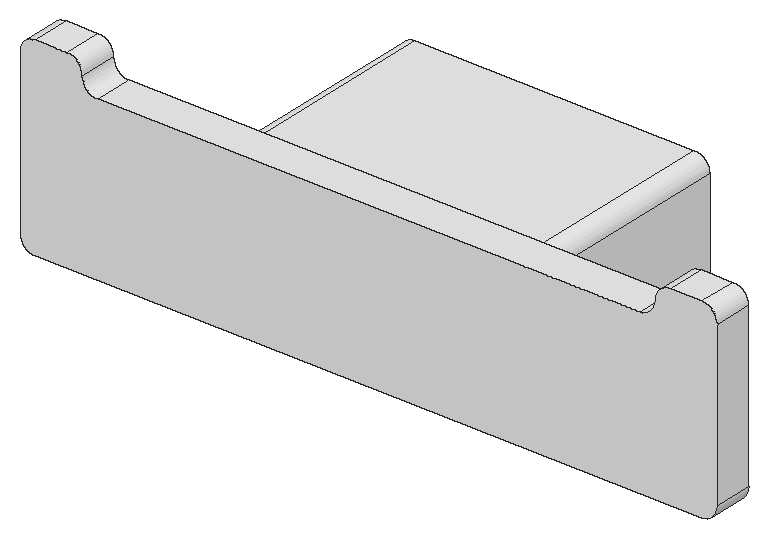
Revit family "rba-bim-rba1643-110", category Plumbing Fixtures, Revit 2016
Family settings
  Part Type = Normal
  Round Connector Dimension = Use Diameter
  Work Plane-Based = No
  Always vertical = Yes
  Cut with Voids When Loaded = No
  Shared = Yes
  Room Calculation Point = No
Parameters (values of type "RBA1643-110")
  Watermarked By = "www.rba.com.au"
  Waste Connection = yes
  Vent Connection = yes
  URL = ""
  Phone Number = "1300 788 778"
  Modified Issue = "20190225.01"
  Model = "RBA1643-110"
  Materials and Finishes = Chrome Plated Brass
  Manufacturer Model = ""
  Manufacturer = "RBA Group"  # constant formula
  HW Connection = yes
  Description = "äska Double Robe Hook"
  Copyright by = "RBA Group"  # constant formula
  CW Connection = yes
Reference planes
  plane 1 "Center (Front/Back)": y = 0
  plane 2: z = 0
  plane 3 "Center (Left/Right)": x = 0
Forms (mm)
  Extrusion 1, solid, material "Chrome Plated Brass" <- "Materials and Finishes"
    sketch origin (0, 0, 0) x (1, 0, 0) y (0, 0, 1)
      loop
        line (35.009, 21) -> (-34.991, 21)
        arc (-34.991, 21) -> (-36.411, 21.582) -> (-37, 23) r 2
        arc (-37, 23) -> (-37.586, 24.414) -> (-39, 25) r 2
        line (-39, 25) -> (-43, 25)
        arc (-43, 25) -> (-44.414, 24.414) -> (-45, 23) r 2
        line (-45, 23) -> (-45, 2)
        arc (-45, 2) -> (-44.414, 0.586) -> (-43, 0) r 2
        line (-43, 0) -> (43, 0)
        arc (43, 0) -> (44.414, 0.586) -> (45, 2) r 2
        line (45, 2) -> (45, 23)
        arc (45, 23) -> (44.414, 24.414) -> (43, 25) r 2
        line (43, 25) -> (39, 25)
        arc (39, 25) -> (37.586, 24.414) -> (37, 23) r 2
        arc (37, 23) -> (36.418, 21.589) -> (35.009, 21) r 2
    from 25 to 30
  Extrusion 2, solid, material "Chrome Plated Brass" <- "Materials and Finishes"
    sketch origin (0, 0, 0) x (1, 0, 0) y (0, 0, 1)
      loop
        arc (-18, 20.5) -> (-19.414, 19.914) -> (-20, 18.5) r 2
        line (-20, 18.5) -> (-20, 2.5)
        arc (-20, 2.5) -> (-19.414, 1.086) -> (-18, 0.5) r 2
        line (-18, 0.5) -> (18, 0.5)
        arc (18, 0.5) -> (19.414, 1.086) -> (20, 2.5) r 2
        line (20, 2.5) -> (20, 18.5)
        arc (20, 18.5) -> (19.414, 19.914) -> (18, 20.5) r 2
        line (18, 20.5) -> (-18, 20.5)
    from 0 to 25
Dimensions and locks
  aligned and locked: plane 2 to level
